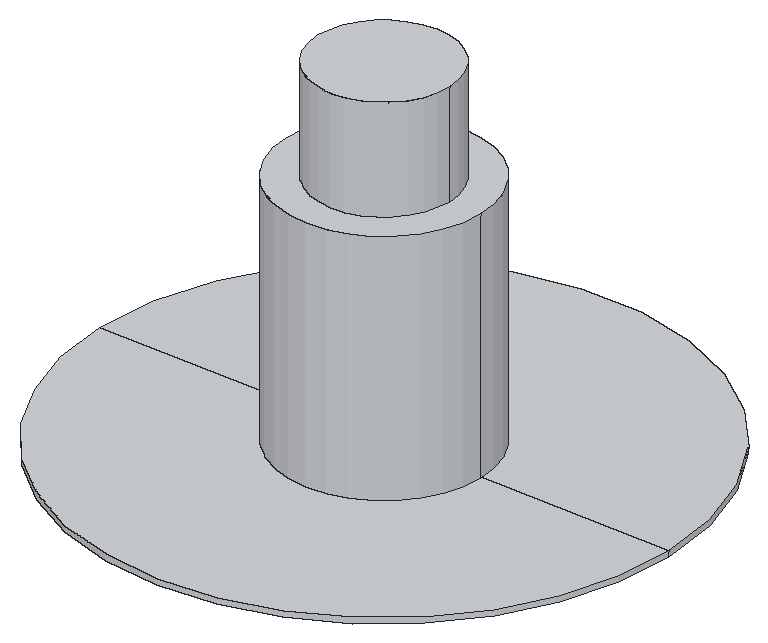
Revit family "XLQRPC FLAT ESC", category Sprinklers, Revit 2019
Family settings
  Maintain Annotation Orientation = No
  Round Connector Dimension = Use Diameter
  Part Type = Normal
  OmniClass Number = 23.85.30.21
  OmniClass Title = Environmental Detection/Registration
  Work Plane-Based = No
  Always vertical = Yes
  Cut with Voids When Loaded = No
  Shared = No
  Room Calculation Point = No
Parameters (values of type "RASCO XL QR COMMERCIAL PENDENT")
  Temperature Rating = 165 °F
  Response = Quick
  RASCO SIN # = "R4514"
  RASCO Part # = "XLQRPC"
  Pressure Rating = "175 PSI"
  Pressure Class = Standard
  Orifice Size = 7/16"
  Orifice = Standard
  Model = "XL  QR COMMERCIAL PENDENT"
  Manufacturer = "RASCO"
  K-Factor = 5.6
  Diameter = 5 5/128"
  Description = "CHROME FINISH - FLAT ESCUTCHEON"
  Coverage = Standard
Reference planes (in)
  plane 1 "Center (Front/Back)": y = 0
  plane 2: z = 0
  plane 3 "Center (Left/Right)": x = 0
Nested families (in)
  nested 1: "RASCO- XLQRPC FLAT ESC" at (0, 1.12168, 0), type "RASCO XL QR COMMERCIAL PENDENT"
Connectors (in)
  piping at (0, 1.12168, 2.509), diameter 0.8125
    settings: on nested 1, index 1, connector inside diameter 24", connector length 0' - 0", flow factor 0, pipe flow 0 GPM, pressure drop 0.00 psi, fitting loss kfactor 0, connector angle 0.00°, fixture units 0, engagement length 0' - 0", angle of deflection 0.00°, flow configuration 0, flow direction 0, fitting loss method 0, system type 7, joint type 0, gender type 0, connector reference index -1, connector utility 0, adjustable connector no, is connector primary yes, connector description ""
Definition of nested family "RASCO- XLQRPC FLAT ESC"
  Parameters (values of type "RASCO XL QR COMMERCIAL PENDENT")
    Type Comments = ""
    Temperature Rating = 0 °F
    Response = (empty or 0)
    Pressure Rating = "0"
    Pressure Class = (empty or 0)
    Orifice Size = 0"
    Orifice = (empty or 0)
    Model = ""
    Manufacturer = ""
    K-Factor = 0
    Coverage = (empty or 0)
    Assembly Code = ""
  Reference planes (in)
    plane 1 "Center (Front/Back)": y = 0
    plane 2: z = 0
    plane 3 "Center (Left/Right)": x = 0
    plane 4 "ref.2": z = 0.873
    plane 5 "ref.3": z = 1.878
    plane 6 "ref. 4": z = 0.294
    plane 7: z = 0.166
    plane 8: z = 0.363
    plane 9 "ref. 5": z = 0.06291
  Forms (in)
    Extrusion 1, solid
      sketch origin (0, 0, 0.873) x (-1, 0, 0) y (0, -1, 0)
        loop
          circle (0, 0) r 0.598
      from -0.48009 to 1.005
    Extrusion 2, solid
      sketch origin (0, 0, 1.75079) x (-1, 0, 0) y (0, -1, 0)
        loop
          circle (0, 0) r 0.405
      from 0.12721 to 0.75821
    Revolve 3, solid
      sketch origin (0.00292, 0, -0.08336) x (1, 0, 0) y (0, 0, 1)
        loop
          line (0, 0.51) -> (-1.75, 0.51) -> (-1.75, 0.47626) -> (-1.57861, 0.40351) -> (0, 0.40351) -> (0, 0.51)
        axis (0, 0.51) -> (0, 0.40351)
      angle from 0 to 360
    Extrusion 4, solid
      sketch origin (0, 0, 0.294) x (0, -1, 0) y (1, 0, 0)
        loop
          circle (0, 0) r 0.614
      from 0.069 to 0
    Revolve 5, solid
      sketch origin (0, 0, 0) x (1, 0, 0) y (0, 0, 1)
        loop
          line (-0.5, 0.294) -> (-0.20877, 0.166) -> (0, 0.166) -> (0, 0.294) -> (-0.5, 0.294)
        axis (0, 0.294) -> (0, 0.166)
      angle from 0 to 360
    Extrusion 6, solid
      sketch origin (0, 0, 0) x (1, 0, 0) y (0, 0, 1)
        loop
          line (-0.34833, 0.24105) -> (-0.37436, 0.19597)
          arc (-0.37436, 0.19597) -> (-0.38219, 0.17257) -> (-0.38025, 0.14797) r 0.06189
          line (-0.38025, 0.14797) -> (-0.35586, 0.06291) -> (-0.39443, 0.0359) -> (-0.35853, 0) -> (-0.31379, 0.03133)
          arc (-0.31379, 0.03133) -> (-0.3038, 0.04447) -> (-0.30329, 0.06097) r 0.02708
          line (-0.30329, 0.06097) -> (-0.32899, 0.15061)
          arc (-0.32899, 0.15061) -> (-0.33022, 0.16619) -> (-0.32526, 0.18101) r 0.03919
          line (-0.32526, 0.18101) -> (-0.30503, 0.21605) -> (-0.34833, 0.24105)
        loop
          line (0.34833, 0.24105) -> (0.30503, 0.21605) -> (0.32526, 0.18101)
          arc (0.32526, 0.18101) -> (0.33022, 0.16619) -> (0.32899, 0.15061) r 0.03919
          line (0.32899, 0.15061) -> (0.30329, 0.06097)
          arc (0.30329, 0.06097) -> (0.3038, 0.04447) -> (0.31379, 0.03133) r 0.02708
          line (0.31379, 0.03133) -> (0.35853, 0) -> (0.39443, 0.0359) -> (0.35586, 0.06291) -> (0.38025, 0.14797)
          arc (0.38025, 0.14797) -> (0.38219, 0.17257) -> (0.37436, 0.19597) r 0.06189
          line (0.37436, 0.19597) -> (0.34833, 0.24105)
      from -0.11113 to 0.11041
    Extrusion 7, solid
      sketch origin (-0.0518, -0.12961, 0.06291) x (-1, 0, 0) y (0, -1, 0)
        loop
          line (0.19208, -0.51961) -> (0.3692, -0.32259) -> (0.3692, 0.06101) -> (0.18997, 0.26039) -> (-0.29859, 0.26039) -> (-0.4728, 0.06659) -> (-0.4728, -0.32111) -> (-0.29435, -0.51961) -> (0.19208, -0.51961)
      from 0 to 0.012
